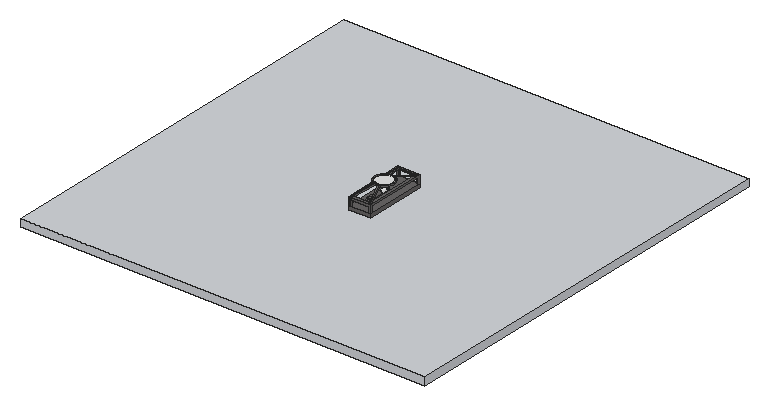
Revit family "P710076-031", category Lighting Fixtures, host Face, Revit 2014
Parameters (values of type "P710076-031")
  Wood = Wood Planks
  Watts = 60 W
  Wattage Comments = "60W"
  Wattage = 60 W
  Warranty = "5 years Warranty"  # constant formula
  built-in parameter 1150110 = 1 (stored number, unit not read)
  Voltage = 120 V
  URL = "https://www.hubbell.com/progresslighting/en"
  built-in parameter 1114217 = 1 (stored number, unit not read)
  Tilt Angle = -90.00°
  built-in parameter 1150109 = 1 (stored number, unit not read)
  built-in parameter 1150134 = 3
  built-in parameter 1150113 = 1 (stored number, unit not read)
  Product Link = "https://www.hubbell.com/progresslighting/en/Products/Lighting-Controls/Residential-Indoor-Lighting/Sconces-Wall-Brackets/Cumberland-Collection-One-Light-Black-Wall-Sconce/p/3980843"
  Product Documentation Link = "https://hubbellcdn.com/specsheet/PROG_P710076-031_spec.pdf"
  Power Factor = 1
  Photometric Web File = "generic.ies"
  Model = "P710076-031"  # constant formula
  Manufacturer = "Progress Lighting"  # constant formula
  built-in parameter 1150105 = 381.97 (stored number, unit not read)
  Lumens = 4800 lm
  built-in parameter 1150115 = 1 (stored number, unit not read)
  Load Classification = Lighting
  built-in parameter 1150137 = (empty or 0)
  built-in parameter 1150139 = (empty or 0)
  Gold = Hubbell - Gold
  Glass = Paint - Hubbell - White Texture
  Width = 5.13"
  built-in parameter 1150112 = 1 (stored number, unit not read)
  built-in parameter 1150114 = 1 (stored number, unit not read)
  Lamp = "LED or Incandescent"  # constant formula
  built-in parameter 1150132 = (empty or 0)
  built-in parameter 1150102 = (empty or 0)
  built-in parameter 1150107 = 3200 (stored number, unit not read)
  built-in parameter 1150138 = (empty or 0)
  built-in parameter 1150106 = 3.8197 (stored number, unit not read)
  Housing Material = Paint - Hubbell - Textured Camera Black
  Fabric = Paint - Hubbell - White Texture
  Fixture distribution = "Direct"  # constant formula
  Features = "A signature seeded glass pane fosters a gazing window design that grants the light fixture a rustic, modern cabin vibe.\r\nLet wandering eyes hungry for a satisfying lighting experience satiate their appetites as their gaze feasts upon the artistic yet playful tic-tac-toe pattern intricately weaved into the matte black frame.\r\nExperience the sense of shelter, warmth, and protection offered by the mountain modern glow of this wall sconce.\r\nIdeal for any foyer, dining room, or kitchen.\r\nMeasures 5-1/8-inch width by 14-5/8-inch height.\r\nUses one candelabra base bulb that is sold separately (60w max - LED or incandescent).\r\nAble to be fully dimmable with dimmable bulbs.\r\nIncludes installation instructions and mounting hardware.\r\nProgress Lighting products are designed for exceptional quality, reliability, and functionality."  # constant formula
  Height = 14.63"
  built-in parameter 1150104 = 7.4322 (stored number, unit not read)
  Dimming Lamp Color Temperature Shift = <None>
  Description = "Experience the sense of shelter, warmth, and protection offered by the mountain modern glow of this wall sconce. Let wandering eyes hungry for a satisfying lighting experience satiate their appetites as their gaze feasts upon the artistic yet playful tic-tac-toe pattern intricately weaved into the matte black frame. A signature seeded glass pane fosters a gazing window design that grants the light fixture a rustic, modern cabin vibe."  # constant formula
  Default Elevation = 48.00"
  Copyright = " ©2020 Progress Lighting, a division of Hubbell Lighting, Inc"  # constant formula
  Contact = "https://www.hubbell.com/progresslighting/en/contactUs"
  Connector Description = "Lighting Connector"  # constant formula
  Color Filter = 16777215
  built-in parameter 1114218 = 1 (stored number, unit not read)
  built-in parameter 1150133 = 10 (stored number, unit not read)
  Assembly Code = "D5020200"
  Apparent Load = Watts / Power Factor  # 60 VA
Reference planes (in)
  plane 1 "Center (Front/Back)": y = 0
  plane 2: z = 0.5561
  plane 3 "Center (Left/Right)": x = 0
  plane 4: x = -2.565
  plane 5: x = 2.565
  plane 6: y = 7.315
  plane 7: y = -7.315
  plane 8: z = 14.5561
  plane 9: z = 4.5561
Forms (in)
  Extrusion 1, solid
    sketch origin (0, 0, 0) x (1, 0, 0) y (0, 1, 0)
      loop
        line (-48, 48) -> (-48, -48) -> (48, -48) -> (48, 48) -> (-48, 48)
    from 0.5561 to -1.25
  Extrusion 2, solid, material "Paint - Hubbell - Textured Camera Black" <- "Housing Material"
    sketch origin (0, 0, 0) x (1, 0, 0) y (0, 1, 0)
      loop
        line (-2.565, -7.315) -> (2.565, -7.315) -> (2.565, 7.315) -> (-2.565, 7.315) -> (-2.565, -7.315)
    from 0.5561 to 1.4046
  Revolve 3, solid, material "Paint - Hubbell - Textured Camera Black" <- "Housing Material"
    sketch origin (0, -4.8125, 0) x (0, 1, 0) y (0, 0, 1)
      loop
        line (0, 1.66168) -> (-0.33965, 1.66168)
        arc (-0.33965, 1.66168) -> (-0.45304, 1.61472) -> (-0.5, 1.50133) r 0.16035
        line (-0.5, 1.50133) -> (-0.5, 1.39996) -> (0, 1.39996) -> (0, 1.66168)
      axis (0, 1.66168) -> (0, 1.39996)
    angle from 0 to 360
  Revolve 4, solid, material "Paint - Hubbell - Textured Camera Black" <- "Housing Material"
    sketch origin (-0.05849, -14.1575, 2.19864) x (1, 0, 0) y (0, 1, 0)
      loop
        line (0.47208, 10.83257) -> (0.47208, 12.97073) -> (0, 12.97073) -> (0, 10.50273) -> (0, 9.50273) -> (0, 9.09737) -> (0.25075, 9.09737)
        arc (0.25075, 9.09737) -> (0.3191, 9.12568) -> (0.34742, 9.19403) r 0.09666
        line (0.34742, 9.19403) -> (0.34742, 9.67674) -> (0.30968, 9.67674)
        arc (0.30968, 9.67674) -> (0.32868, 9.69574) -> (0.30968, 9.71474) r 0.019
        arc (0.30968, 9.71474) -> (0.32868, 9.73373) -> (0.30968, 9.75273) r 0.019
        line (0.30968, 9.75273) -> (0.42563, 9.75273)
        arc (0.42563, 9.75273) -> (0.54142, 9.80069) -> (0.58939, 9.91649) r 0.16375
        line (0.58939, 9.91649) -> (0.58939, 10.83257) -> (0.47208, 10.83257)
      axis (0, 12.97073) -> (0, 9.09737)
    angle from 0 to 360
  Revolve 5, solid, material "Paint - Hubbell - White Texture"
    sketch origin (-0.05849, -12.6575, 2.19864) x (1, 0, 0) y (0, 1, 0)
      loop
        line (0, 11.50273) -> (0.52673, 11.50273) -> (0.52673, 13.25273)
        arc (0.52673, 13.25273) -> (0.37246, 13.62519) -> (0, 13.77947) r 0.52673
        line (0, 13.77947) -> (0, 11.50273)
      axis (0, 13.77947) -> (0, 11.50273)
    angle from 0 to 360
  Revolve 6, solid, material "Paint - Hubbell - White Texture" <- "Glass"
    sketch origin (-0.05849, -12.6575, 2.19864) x (1, 0, 0) y (0, 1, 0)
      loop
        line (0, 11.50273) -> (0, 12.12587) -> (0, 12.22744) -> (-0.11058, 12.22744)
        arc (-0.11058, 12.22744) -> (-0.13207, 12.18895) -> (-0.10174, 12.15697) r 0.0372
        arc (-0.10174, 12.15697) -> (-0.07712, 12.14267) -> (-0.0674, 12.11591) r 0.04171
        line (-0.0674, 12.11591) -> (-0.0674, 11.92951) -> (-0.14062, 11.75273) -> (-0.14062, 11.50273) -> (0, 11.50273)
      axis (0, 11.50273) -> (0, 12.22744)
    angle from 0 to 360
  Revolve 7, solid, material "Hubbell - Gold" <- "Gold"
    sketch origin (-0.35122, -12.73593, 2.19864) x (-1, 0, 0) y (0, -1, 0)
      loop
        line (-0.46827, -12.27187) -> (-0.51315, -12.27187) -> (-0.60714, -13.61603) -> (-0.56226, -13.61603) -> (-0.46827, -12.27187)
      axis (-0.56248, -13.61915) -> (-0.46827, -12.27187)
    angle from 0 to 360
  Revolve 8, solid, material "Hubbell - Gold" <- "Gold"
    sketch origin (-0.05849, -12.6575, 1.72989) x (0, 0, -1) y (0, 1, 0)
      loop
        line (-0.46566, 12.23462) -> (-0.554, 13.49796) -> (-0.59888, 13.49796) -> (-0.51054, 12.23462) -> (-0.46566, 12.23462)
      axis (-0.55422, 13.50108) -> (-0.46566, 12.23462)
    angle from 0 to 360
  Sweep 9, solid, material "Paint - Hubbell - Textured Camera Black" <- "Housing Material"
    path origin (0, 0, 0) x (1, 0, 0) y (0, 1, 0)
      loop
        line (-2.065, 6.815) -> (-2.065, -6.815) -> (2.065, -6.815) -> (2.065, 6.815) -> (-2.065, 6.815)
    profile origin (0, 6.815, 0) x (0, 1, 0) y (0, 0, 1)
      loop
        line (0, 3.3061) -> (0, 3.20681) -> (0.42104, 3.20681) -> (0.42104, 2.8061) -> (0.5, 2.8061) -> (0.5, 3.3061) -> (0, 3.3061)
  Sweep 10, solid, material "Paint - Hubbell - Textured Camera Black" <- "Housing Material"
    path origin (0, 0, 0) x (1, 0, 0) y (0, 0, 1)
      loop
        line (-2.565, 3.3061) -> (-2.565, 1.4046)
    profile origin (-2.565, 0, 2.35535) x (0, -1, 0) y (1, 0, 0)
      loop
        line (7.20563, 0.10938) -> (6.815, 0.10938) -> (6.815, 0) -> (7.315, 0) -> (7.315, 0.5) -> (7.20563, 0.5) -> (7.20563, 0.10938)
  Sweep 11, solid, material "Paint - Hubbell - Textured Camera Black" <- "Housing Material"
    path origin (0, 0, 0) x (-1, 0, 0) y (0, 0, 1)
      loop
        line (-2.565, 3.3061) -> (-2.565, 1.4046)
    profile origin (2.565, 0, 2.35535) x (0, -1, 0) y (1, 0, 0)
      loop
        line (7.20563, -0.10938) -> (7.20563, -0.5) -> (7.315, -0.5) -> (7.315, 0) -> (6.815, 0) -> (6.815, -0.10938) -> (7.20563, -0.10938)
  Sweep 12, solid, material "Paint - Hubbell - Textured Camera Black" <- "Housing Material"
    path origin (0, 0, 0) x (-1, 0, 0) y (0, 0, 1)
      loop
        line (-2.565, 3.3061) -> (-2.565, 1.4046)
    profile origin (2.565, 0, 2.35535) x (0, 1, 0) y (-1, 0, 0)
      loop
        line (7.20563, 0.10938) -> (6.815, 0.10938) -> (6.815, 0) -> (7.315, 0) -> (7.315, 0.5) -> (7.20563, 0.5) -> (7.20563, 0.10938)
  Sweep 13, solid, material "Paint - Hubbell - Textured Camera Black" <- "Housing Material"
    path origin (0, 0, 0) x (1, 0, 0) y (0, 0, -1)
      loop
        line (-2.565, -3.3061) -> (-2.565, -1.4046)
    profile origin (-2.565, 0, 2.35535) x (0, 1, 0) y (-1, 0, 0)
      loop
        line (7.20563, -0.10938) -> (7.20563, -0.5) -> (7.315, -0.5) -> (7.315, 0) -> (6.815, 0) -> (6.815, -0.10938) -> (7.20563, -0.10938)
  Extrusion 14, solid, material "Paint - Hubbell - Textured Camera Black" <- "Housing Material"
    sketch origin (0, 0, 0) x (1, 0, 0) y (0, 1, 0)
      loop
        circle (0, 0) r 2
      loop
        circle (0, 0) r 2.25
    from 4.36 to 4.5561
  Extrusion 15, solid, material "Paint - Hubbell - White Texture" <- "Glass"
    sketch origin (0, 0, 0) x (1, 0, 0) y (0, 1, 0)
      loop
        circle (0, 0) r 2
    from 4.36 to 4.5561
  Revolve 16, solid, material "Hubbell - Gold" <- "Gold"
    sketch origin (0.23423, -12.73593, 2.19864) x (1, 0, 0) y (0, 1, 0)
      loop
        line (-0.46827, 12.27187) -> (-0.56226, 13.61603) -> (-0.60714, 13.61603) -> (-0.51315, 12.27187) -> (-0.46827, 12.27187)
      axis (-0.56248, 13.61915) -> (-0.46827, 12.27187)
    angle from 0 to 360
  Revolve 17, solid, material "Paint - Hubbell - Textured Camera Black" <- "Housing Material"
    sketch origin (0, 0.0625, 0) x (0, 1, 0) y (0, 0, 1)
      loop
        line (-4.82889, 1.57543) -> (-4.67264, 1.57543) -> (-4.67264, 2.39699) -> (-4.82889, 2.39699) -> (-4.82889, 1.57543)
      axis (-4.82889, 1.57543) -> (-4.82889, 2.39699)
    angle from 0 to 360
  Sweep 18, solid, material "Paint - Hubbell - Textured Camera Black" <- "Housing Material"
    path origin (-0.38239, 0.02098, 0.2154) x (-0.34202, 0.937962, 0.057003) y (0, -0.060662, 0.998158)
      loop
        line (-7.20318, 3.29627) -> (-2.11222, 4.35557)
    profile origin (1.21064, -4.57986, 3.76877) x (0.069673, -0.250463, 0.965616) y (0.939693, 0.34139, 0.020747)
      loop
        line (0, 0) -> (0.12101, 0) -> (0.12101, 0.25) -> (0, 0.25) -> (0, 0)
  Sweep 19, solid, material "Paint - Hubbell - Textured Camera Black" <- "Housing Material"
    path origin (0.38239, 0.02098, 0.2154) x (0.34202, 0.937962, 0.057003) y (0, 0.060662, -0.998158)
      loop
        line (-7.20318, -3.29627) -> (-2.11222, -4.35557)
    profile origin (-1.21064, -4.57986, 3.76877) x (0.069673, 0.250463, -0.965616) y (-0.939693, 0.34139, 0.020747)
      loop
        line (0, 0) -> (0, 0.25) -> (-0.12101, 0.25) -> (-0.12101, 0) -> (0, 0)
  Sweep 20, solid, material "Paint - Hubbell - Textured Camera Black" <- "Housing Material"
    path origin (-0.38239, -0.02098, 0.2154) x (-0.34202, -0.937962, 0.057003) y (0, -0.060662, -0.998158)
      loop
        line (-7.20318, -3.29627) -> (-2.11222, -4.35557)
    profile origin (1.21064, 4.57986, 3.76877) x (-0.069673, -0.250463, -0.965616) y (0.939693, -0.34139, 0.020747)
      loop
        line (0, 0) -> (0, 0.25) -> (-0.12101, 0.25) -> (-0.12101, 0) -> (0, 0)
  Sweep 21, solid, material "Paint - Hubbell - Textured Camera Black" <- "Housing Material"
    path origin (0.38239, -0.02098, 0.2154) x (0.34202, -0.937962, 0.057003) y (0, 0.060662, 0.998158)
      loop
        line (-7.20318, 3.29627) -> (-2.11222, 4.35557)
    profile origin (-1.21064, 4.57986, 3.76877) x (-0.069673, 0.250463, 0.965616) y (-0.939693, -0.34139, 0.020747)
      loop
        line (0, 0) -> (0.12101, 0) -> (0.12101, 0.25) -> (0, 0.25) -> (0, 0)
Cuts and joins
  joined: Sweep 9, Sweep 10, Sweep 11, Sweep 12, Sweep 13
  joined: Revolve 4, Revolve 17
Dimensions and locks (in)
  "Width": plane 4 to plane 5
  equal spacing: plane 4, plane 3 "Center (Left/Right)", plane 5
  equal spacing: plane 7, plane 1 "Center (Front/Back)", plane 6
  "Height": plane 7 to plane 6
  aligned and locked: plane 2 to Extrusion 1
Automatic sketch dimensions
  Extrusion 1 sketch curve to Extrusion 1 sketch curve = 96.00"  (x2)
  Extrusion 2 sketch curve to plane 4 = 0.00"
  Extrusion 2 sketch curve to plane 5 = 0.00"
  plane 7 to Extrusion 2 sketch curve = 0.00"
  plane 6 to Extrusion 2 sketch curve = 0.00"
  Revolve 3 sketch curve to plane 7 = 2.0025"
  Revolve 3 sketch curve to Revolve 3 sketch curve = 0.16035"
  Revolve 3 sketch curve to Revolve 3 sketch curve = 0.33965"
  plane 2 to Revolve 3 sketch curve = 0.84386"
  Revolve 3 sketch curve to Revolve 3 sketch curve = 0.10137"
  Revolve 3 sketch curve to plane 7 = 2.5025"
  Revolve 3 sketch curve to level = 24.00"
  plane 8 to Revolve 3 sketch curve = 24.98837"
  Revolve 4 sketch curve to plane 3 "Center (Left/Right)" = 0.05849"  (x2)
  plane 3 "Center (Left/Right)" to Revolve 4 sketch curve = 0.19226"
  plane 3 "Center (Left/Right)" to Revolve 4 sketch curve = 0.25119"
  Revolve 4 sketch curve to Revolve 4 sketch curve = 0.00"  (x3)
  Revolve 4 sketch curve to Revolve 4 sketch curve = 0.03773"
  Revolve 4 sketch curve to Revolve 4 sketch curve = 0.11595"
  plane 3 "Center (Left/Right)" to Revolve 4 sketch curve = 0.41359"
  Revolve 4 sketch curve to Revolve 4 sketch curve = 0.16375"
  Revolve 4 sketch curve to plane 7 = 2.25487"
  Revolve 4 sketch curve to Revolve 4 sketch curve = 0.40537"
  Revolve 4 sketch curve to Revolve 4 sketch curve = 0.48271"
  Revolve 4 sketch curve to Revolve 4 sketch curve = 0.019"  (x2)
  Revolve 4 sketch curve to Revolve 4 sketch curve = 0.07599"
  Revolve 4 sketch curve to Revolve 4 sketch curve = 0.91609"
  Revolve 4 sketch curve to Revolve 4 sketch curve = 0.32984"
  Revolve 4 sketch curve to Revolve 4 sketch curve = 2.13816"
  plane 7 to Revolve 4 sketch curve = 34.9075"
  Revolve 4 sketch curve to plane 6 = 10.23667"
  Revolve 5 sketch curve to plane 3 "Center (Left/Right)" = 0.05849"  (x2)
  plane 3 "Center (Left/Right)" to Revolve 5 sketch curve = 0.46824"
  plane 1 "Center (Front/Back)" to Revolve 5 sketch curve = 1.15477"
  Revolve 5 sketch curve to plane 1 "Center (Front/Back)" = 0.59523"
  plane 7 to Revolve 5 sketch curve = 33.4075"
  Revolve 5 sketch curve to plane 6 = 11.73667"
  Revolve 6 sketch curve to plane 3 "Center (Left/Right)" = 0.19912"
  Revolve 6 sketch curve to plane 3 "Center (Left/Right)" = 0.16907"
  Revolve 6 sketch curve to Revolve 6 sketch curve = 0.00146"
  Revolve 6 sketch curve to Revolve 6 sketch curve = 0.01542"
  Revolve 6 sketch curve to plane 3 "Center (Left/Right)" = 0.12589"
  Revolve 6 sketch curve to plane 3 "Center (Left/Right)" = 0.05849"  (x2)
  plane 1 "Center (Front/Back)" to Revolve 6 sketch curve = 1.15477"
  Revolve 6 sketch curve to Revolve 6 sketch curve = 0.25"
  Revolve 6 sketch curve to Revolve 6 sketch curve = 0.17678"
  Revolve 6 sketch curve to Revolve 6 sketch curve = 0.1864"
  Revolve 6 sketch curve to Revolve 6 sketch curve = 0.00996"
  Revolve 6 sketch curve to Revolve 6 sketch curve = 0.07767"
  Revolve 6 sketch curve to Revolve 6 sketch curve = 0.03385"
  Revolve 6 sketch curve to Revolve 6 sketch curve = 0.00"
  Revolve 6 sketch curve to plane 6 = 0.28023"
  plane 3 "Center (Left/Right)" to Revolve 7 sketch curve = 0.25592"
  Revolve 7 sketch curve to Revolve 7 sketch curve = 0.04488"  (x2)
  plane 3 "Center (Left/Right)" to Revolve 7 sketch curve = 0.16193"
  Revolve 7 sketch curve to plane 1 "Center (Front/Back)" = 0.88009"
  Revolve 7 sketch curve to Revolve 7 sketch curve = 1.34416"
  plane 3 "Center (Left/Right)" to Revolve 7 sketch curve = 0.3039"
  Revolve 7 sketch curve to Revolve 7 sketch curve = 0.00037"
  Revolve 7 sketch curve to plane 1 "Center (Front/Back)" = 2.20798"
  Revolve 7 sketch curve to Revolve 7 sketch curve = 0.00528"
  Revolve 8 sketch curve to plane 1 "Center (Front/Back)" = 0.84046"
  Revolve 8 sketch curve to plane 9 = 2.22733"
  Revolve 8 sketch curve to Revolve 8 sketch curve = 0.04488"  (x2)
  Revolve 8 sketch curve to Revolve 8 sketch curve = 0.04346"
  Revolve 8 sketch curve to Revolve 8 sketch curve = 1.26334"
  Revolve 8 sketch curve to plane 1 "Center (Front/Back)" = 2.28642"
  Revolve 8 sketch curve to Revolve 8 sketch curve = 0.05623"
  Revolve 8 sketch curve to Revolve 8 sketch curve = 0.00297"
  Revolve 8 sketch curve to Revolve 8 sketch curve = 0.04253"
  plane 4 to Sweep 9 sketch curve = 0.50"
  Sweep 9 sketch curve to plane 5 = 0.50"
  Sweep 9 sketch curve to plane 7 = 0.50"
  plane 6 to Sweep 9 sketch curve = 0.50"
  Sweep 9 sketch curve to profile plane = 0.00"
  Sweep 9 sketch curve to profile plane = 0.42104"
  Sweep 9 sketch curve to Sweep 9 sketch curve = 0.07896"
  level to Sweep 9 sketch curve = 2.8061"
  Sweep 9 sketch curve to Sweep 9 sketch curve = 0.40071"
  Sweep 9 sketch curve to Sweep 9 sketch curve = 0.09929"
  Sweep 10 sketch curve to plane 4 = 0.00"
  plane 2 to Sweep 10 sketch curve = 0.84849"
  Sweep 10 sketch curve to plane 9 = 1.25"
  Sweep 10 sketch curve to profile plane = 0.00"
  Sweep 10 sketch curve to profile plane = 0.10938"
  plane 1 "Center (Front/Back)" to Sweep 10 sketch curve = 6.815"
  Sweep 10 sketch curve to Sweep 10 sketch curve = 0.39063"  (x2)
  Sweep 10 sketch curve to Sweep 10 sketch curve = 0.10938"
  Sweep 11 sketch curve to plane 5 = 0.00"
  Sweep 11 sketch curve to plane 2 = 0.84849"
  plane 9 to Sweep 11 sketch curve = 1.25"
  Sweep 11 sketch curve to profile plane = 0.00"
  profile plane to Sweep 11 sketch curve = 0.10938"
  plane 1 "Center (Front/Back)" to Sweep 11 sketch curve = 6.815"
  Sweep 11 sketch curve to Sweep 11 sketch curve = 0.39063"  (x2)
  Sweep 11 sketch curve to Sweep 11 sketch curve = 0.10938"
  Sweep 12 sketch curve to plane 5 = 0.00"
  plane 2 to Sweep 12 sketch curve = 0.84849"
  Sweep 12 sketch curve to plane 9 = 1.25"
  Sweep 12 sketch curve to profile plane = 0.00"
  Sweep 12 sketch curve to profile plane = 0.10938"
  profile plane to Sweep 12 sketch curve = 6.815"
  Sweep 12 sketch curve to Sweep 12 sketch curve = 0.39063"  (x2)
  Sweep 12 sketch curve to Sweep 12 sketch curve = 0.10938"
  Sweep 13 sketch curve to plane 4 = 0.00"
  Sweep 13 sketch curve to plane 9 = 1.25"
  plane 2 to Sweep 13 sketch curve = 0.84849"
  Sweep 13 sketch curve to profile plane = 0.00"
  profile plane to Sweep 13 sketch curve = 0.10938"
  profile plane to Sweep 13 sketch curve = 6.815"
  Sweep 13 sketch curve to Sweep 13 sketch curve = 0.39063"  (x2)
  Sweep 13 sketch curve to Sweep 13 sketch curve = 0.10938"
  Extrusion 14 sketch curve to Extrusion 14 sketch curve = 0.00"  (x2)
  plane 1 "Center (Front/Back)" to Extrusion 14 sketch curve = 0.00"
  Extrusion 14 sketch curve to plane 3 "Center (Left/Right)" = 0.00"
  Extrusion 15 sketch curve to Extrusion 15 sketch curve = 0.00"  (x2)
  plane 1 "Center (Front/Back)" to Extrusion 15 sketch curve = 0.00"
  Extrusion 15 sketch curve to plane 3 "Center (Left/Right)" = 0.00"
  plane 4 to Extrusion 15 sketch curve = 0.565"
  Revolve 16 sketch curve to plane 3 "Center (Left/Right)" = 0.37291"
  Revolve 16 sketch curve to Revolve 16 sketch curve = 0.04488"  (x2)
  Revolve 16 sketch curve to plane 3 "Center (Left/Right)" = 0.27891"
  plane 1 "Center (Front/Back)" to Revolve 16 sketch curve = 0.46407"
  Revolve 16 sketch curve to plane 1 "Center (Front/Back)" = 0.88009"
  Revolve 16 sketch curve to plane 3 "Center (Left/Right)" = 0.42088"
  Revolve 16 sketch curve to Revolve 16 sketch curve = 0.00037"
  Revolve 16 sketch curve to Revolve 16 sketch curve = 0.00528"
  Revolve 16 sketch curve to plane 1 "Center (Front/Back)" = 2.20798"
  plane 2 to Revolve 17 sketch curve = 1.01933"
  Revolve 17 sketch curve to plane 7 = 2.54861"
  Revolve 17 sketch curve to Revolve 17 sketch curve = 0.15625"
  Revolve 17 sketch curve to Revolve 17 sketch curve = 0.82156"
  Revolve 17 sketch curve to Revolve 17 sketch curve = 0.00"
  Revolve 17 sketch curve to Revolve 17 sketch curve = 0.25"
  Revolve 17 sketch curve to Revolve 17 sketch curve = 0.76771"
  Sweep 18 sketch curve to Sweep 18 sketch curve = 5.09096"
  Sweep 18 sketch curve to Sweep 18 sketch curve = 1.0593"
  Sweep 18 sketch curve to profile plane = 0.00"  (x2)
  Sweep 18 sketch curve to Sweep 18 sketch curve = 0.12101"
  Sweep 18 sketch curve to Sweep 18 sketch curve = 0.25"
  Sweep 19 sketch curve to Sweep 19 sketch curve = 5.09096"
  Sweep 19 sketch curve to Sweep 19 sketch curve = 1.0593"
  Sweep 19 sketch curve to profile plane = 0.00"
  profile plane to Sweep 19 sketch curve = 0.00"
  profile plane to Sweep 19 sketch curve = 0.12101"
  profile plane to Sweep 19 sketch curve = 0.25"
  Sweep 20 sketch curve to Sweep 20 sketch curve = 5.09096"
  Sweep 20 sketch curve to Sweep 20 sketch curve = 1.0593"
  profile plane to Sweep 20 sketch curve = 0.00"
  Sweep 20 sketch curve to profile plane = 0.00"
  profile plane to Sweep 20 sketch curve = 0.12101"
  profile plane to Sweep 20 sketch curve = 0.25"
  Sweep 21 sketch curve to Sweep 21 sketch curve = 5.09096"
  Sweep 21 sketch curve to Sweep 21 sketch curve = 1.0593"
  profile plane to Sweep 21 sketch curve = 0.00"  (x2)
  Sweep 21 sketch curve to Sweep 21 sketch curve = 0.12101"
  Sweep 21 sketch curve to Sweep 21 sketch curve = 0.25"
  radius of Extrusion 14 sketch curve = 2.00"
  radius of Extrusion 14 sketch curve = 2.25"
Connectors (in)
  electrical at (0, 0, 0.5561), driven by "Load Classification", driven by "Voltage", driven by "Apparent Load", driven by "Power Factor", driven by "Connector Description"
    settings: on Extrusion 2, index 1, voltage 120 V, apparent load 60 VA, apparent load phase1 0 VA, apparent load phase2 0 VA, apparent load phase3 0 VA, power factor 1, load classification "Lighting", number of poles 1, system type 30, power factor state 1, is connector primary yes, connector utility no, sub classification motor no, connector description "Lighting Connector"
